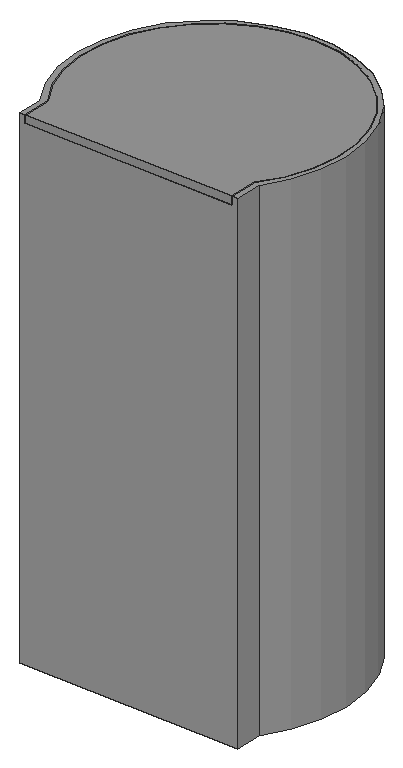
Revit family "3052 Björk Soap dispenser", category Furniture Systems, host Wall, Revit 2017
Family settings
  Host = Wall
  Round Connector Dimension = Use Diameter
  Part Type = Normal
  Always vertical = Yes
  Cut with Voids When Loaded = No
  Shared = No
  Room Calculation Point = No
Parameters (values of type "OSLO")
  URL = "http://www.dandryer.dk/da-dk/produkter/produktserie-%E2%80%93-bjork/3052-bjork-dispenser-flydende-saebe-desinfektion--valgfri-ral"
  Type Image = <None>
  Surface Top = OSLO
  Surface Front = RAL FARVE
  Model = "Björk-3052"
  Manufacturer = "Dan Dryer"
  Description = "Touch-free Soap dispencer"
  Cost = 0
Types (6, lengths in mm): name | Surface Top | Model
  BIRK | BIRK | "Björk-3052Björk-3052"
  GEO WHITE | GEO WHITE | "Björk-3052"
  GRIGIO LONDRA | GRIGIO LONDRA | "Björk-3052"
  NEGRO INGO | NEGRO INGO | "Björk-3002"
  OSLO | OSLO | "Björk-3052"
  BIANCO MALE | BIANCO MALE | "Björk-3052"
Reference planes
  plane 1 "Wall": y = 0
  plane 2 "Center (Left/Right)": x = 125
  plane 3 "Back": y = 75
Forms (mm)
  Extrusion 1, solid, material "Blank Hvid", not visible
    sketch origin (0, 0, 0) x (1, 0, 0) y (0, 1, 0)
      loop
        arc (42.212, 95.366) -> (42.426, 94.946) -> (42.5, 94.481) r 1.5
        line (42.5, 94.481) -> (42.5, 75.3) -> (43.7, 75.3) -> (43.7, 94.481)
        arc (43.7, 94.481) -> (43.567, 95.318) -> (43.181, 96.073) r 2.7
        arc (43.181, 96.073) -> (125, 257.1) -> (206.819, 96.073) r 101.3
        arc (206.819, 96.073) -> (206.433, 95.318) -> (206.3, 94.481) r 2.7
        line (206.3, 94.481) -> (206.3, 75.3) -> (207.5, 75.3) -> (207.5, 94.481)
        arc (207.5, 94.481) -> (207.574, 94.946) -> (207.788, 95.366) r 1.5
        arc (207.788, 95.366) -> (125, 258.3) -> (42.212, 95.366) r 102.5
    from 900 to 1230
  Extrusion 2, void, not visible
    sketch origin (207.5, 94.481, 0) x (0, 1, 0) y (0, 0, -1)
      loop
        line (-19.181, -1225) -> (-19.181, -1230) -> (6.154, -1230)
        arc (6.154, -1230) -> (3.068, -1228.36) -> (2.105, -1225) r 4.47
        line (2.105, -1225) -> (-19.181, -1225)
    from -10.952 to 170.161
  Extrusion 3, void, not visible
    sketch origin (207.5, 94.481, 2130) x (0, 1, 0) y (0, 0, -1)
      loop
        line (-19.181, 1225) -> (2.105, 1225)
        arc (2.105, 1225) -> (3.068, 1228.36) -> (6.154, 1230) r 4.47
        line (6.154, 1230) -> (-19.181, 1230) -> (-19.181, 1225)
    from -6 to 179.451
  Extrusion 4, solid, not visible
    sketch origin (207.5, 75.3, 907) x (0, 1, 0) y (-1, 0, 0)
      loop
        line (0, 163.8) -> (0, 1.2) -> (19.181, 1.2)
        arc (19.181, 1.2) -> (20.018, 1.067) -> (20.773, 0.681) r 2.7
        arc (20.773, 0.681) -> (181.8, 82.5) -> (20.773, 164.319) r 101.3
        arc (20.773, 164.319) -> (20.018, 163.933) -> (19.181, 163.8) r 2.7
        line (19.181, 163.8) -> (0, 163.8)
    from 0 to -2
  Extrusion 5, void, not visible
    sketch origin (206.3, 75.3, 0) x (-1, 0, 0) y (0, 0, 1)
      loop
        arc (83.312, 976) -> (81.303, 978.014) -> (79.288, 976) r 2.012
        line (79.288, 976) -> (79.285, 930)
        arc (79.285, 930) -> (81.297, 927.986) -> (83.312, 930) r 2.012
        line (83.312, 930) -> (83.312, 976)
    from 174.915 to 189.234
  Extrusion 6, solid, not visible
    sketch origin (206.3, 75.3, 0) x (1, 0, 0) y (0, 0, 1)
      loop
        line (-83.312, 975.984) -> (-83.312, 930)
        arc (-83.312, 930) -> (-81.291, 928.118) -> (-79.287, 930.016) r 2.015
        line (-79.287, 930.016) -> (-79.288, 976)
        arc (-79.288, 976) -> (-81.309, 977.882) -> (-83.312, 975.984) r 2.015
    from -182.98 to -174.915
  Extrusion 7, solid, material "RAL FARVE", not visible
    sketch origin (0, 0, 0) x (1, 0, 0) y (0, 1, 0)
      loop
        arc (42.212, 95.366) -> (42.426, 94.946) -> (42.5, 94.481) r 1.5
        line (42.5, 94.481) -> (42.5, 75.3) -> (43.7, 75.3) -> (43.7, 94.481)
        arc (43.7, 94.481) -> (43.567, 95.318) -> (43.181, 96.073) r 2.7
        arc (43.181, 96.073) -> (125, 257.1) -> (206.819, 96.073) r 101.3
        arc (206.819, 96.073) -> (206.433, 95.318) -> (206.3, 94.481) r 2.7
        line (206.3, 94.481) -> (206.3, 75.3) -> (207.5, 75.3) -> (207.5, 94.481)
        arc (207.5, 94.481) -> (207.574, 94.946) -> (207.788, 95.366) r 1.5
        arc (207.788, 95.366) -> (125, 258.3) -> (42.212, 95.366) r 102.5
    from 900 to 1230
Text (mm)
  text "Placement Side" at (-1848.837, 1116.779, 0), in view "Ref. Level"
  text "Placement side" at (0, 1409.804, 2854.306), in view "Left"
  text "Placement side" at (0, 499.811, 2980.732), in view "Right"
Dimensions and locks
  locked: plane 3 "Back" to host wall
  aligned and locked: plane 1 "Wall" to host wall
  aligned and locked: plane 3 "Back" to nested 1  (x2)
Nested families
  nested 1: "Master Soap dispenser" at (125, 75, 1100), type "Master Soap dispenser"
Definition of nested family "Master Soap dispenser"
  Parameters (values of type "Master Soap dispenser")
    Surface Top = none
    Surface Front = none
  Reference planes
    plane 1 "Center (Front/Back)": y = 0
    plane 2: z = 0
    plane 3 "Center (Left/Right)": x = 0
  Forms (mm)
    Extrusion 1, solid, material <- "Surface Front"
      sketch origin (0, 0, 0) x (1, 0, 0) y (0, 1, 0)
        loop
          line (-72.636, 16.842) -> (-72.636, 0) -> (73.262, 0) -> (73.262, 17.709)
          arc (73.262, 17.709) -> (-0.534, 159.71) -> (-72.636, 16.842) r 89.899
      from 0 to 330
    Extrusion 2, solid, material <- "Surface Top"
      sketch origin (0, 0, 330) x (1, 0, 0) y (0, 1, 0)
        loop
          arc (69.262, 19.017) -> (0, 156.8) -> (-69.261, 19.017) r 86.3
          line (-69.261, 19.017) -> (-69.261, 0) -> (69.262, 0) -> (69.262, 19.017)
      from 0 to -5
    Extrusion 3, void
      sketch origin (0, 0, 0) x (1, 0, 0) y (0, 1, 0)
        loop
          line (-69.261, 0) -> (69.262, 0) -> (69.262, 19.017)
          arc (69.262, 19.017) -> (0, 156.8) -> (-69.261, 19.017) r 86.3
          line (-69.261, 19.017) -> (-69.261, 0)
      from 325 to 330
  Cuts and joins
    Extrusion 3 cuts Extrusion 1
  Dimensions and locks
    aligned and locked: level to plane 2
